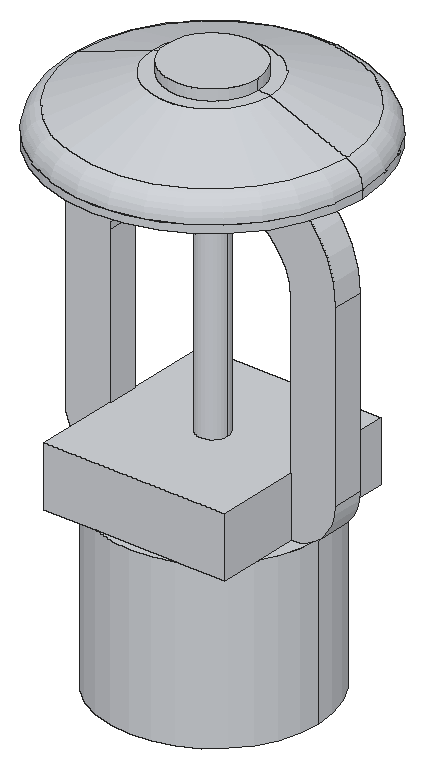
Revit family
Parameters (values of type "RASCO F156 UPRIGHT")
  URL = ""
  Temperature Rating = 286 °F
  Response = (empty or 0)
  RASCO SIN # = "RA1325"
  RASCO Part # = "F56U3B"
  Pressure Rating = "175 PSI"
  Pressure Class = (empty or 0)
  Orifice Size = 1/2"
  Orifice = (empty or 0)
  Model = "F156"
  Manufacturer = "RASCO"
  K-Factor = 5.6
  Description = "Bronze Finish"
  Coverage = (empty or 0)
Reference planes (in)
  plane 1 "Center (Front/Back)": y = 0
  plane 2: z = 0
  plane 3 "Center (Left/Right)": x = 0
Nested families (in)
  nested 1: "F56U3B" at (-1.04933, -0.9484, 0), type "RASCO F156 UPRIGHT"
Connectors (in)
  piping at (-1.04933, -0.9484, 0)
    settings: on nested 1, index 1, connector radius 55/128", flow factor 0, pipe flow 0 GPM, pressure drop 0.00 psi, fitting loss kfactor 0, connector angle 0.00°, fixture units 0, flow configuration 0, flow direction 0, fitting loss method 0, system type 7, connector reference index -1, connector utility 0, adjustable connector no, is connector primary yes, fitting loss table "", connector description ""
Definition of nested family "F56U3B"
  Parameters (values of type "RASCO F156 UPRIGHT")
    Type Comments = ""
    Temperature Rating = 0 °F
    Response = (empty or 0)
    Pressure Rating = "0"
    Pressure Class = (empty or 0)
    Orifice Size = 0"
    Orifice = (empty or 0)
    Model = ""
    Manufacturer = ""
    K-Factor = 0
    Description = ""
    Coverage = (empty or 0)
    Assembly Code = ""
  Reference planes (in)
    plane 1 "Center (Front/Back)": y = 0
    plane 2: z = 0
    plane 3 "ref.2": z = 0.6875
    plane 4 "ref.3": z = 0.9375
    plane 5: x = -0.38065
    plane 6: x = 0.36935
    plane 7 "ref. side 1": y = 0.06402
    plane 8 "ref. side 2": y = -0.06098
    plane 9 "ref.4": z = 1.875
    plane 10 "ref.5": z = 2.3125
    plane 11 "ref.6": z = 2.4375
  Forms (in)
    Extrusion 1, solid
      sketch origin (0, 0, 0) x (1, 0, 0) y (0, 1, 0)
        loop
          circle (0, 0) r 0.4375
      from 0 to 0.6875
    Extrusion 2, solid
      sketch origin (-0.12185, 0.05177, 0.6875) x (1, 0, 0) y (0, 1, 0)
        loop
          line (-0.2588, 0.356) -> (-0.2588, -0.4565) -> (0.4912, -0.4565) -> (0.4912, 0.356) -> (-0.2588, 0.356)
      from 0 to 0.25
    Extrusion 3, solid
      sketch origin (0, 0, 0) x (1, 0, 0) y (0, 0, 1)
        loop
          line (-0.38065, 0.68754) -> (-0.38065, 1.58397)
          arc (-0.38065, 1.58397) -> (-0.29541, 1.78976) -> (-0.08962, 1.875) r 0.29103
          line (-0.08962, 1.875) -> (0.07524, 1.875)
          arc (0.07524, 1.875) -> (0.28321, 1.78886) -> (0.36935, 1.58089) r 0.29411
          line (0.36935, 1.58089) -> (0.36935, 0.68751)
          arc (0.36935, 0.68751) -> (0.50207, 0.74393) -> (0.55685, 0.87734) r 0.18984
          line (0.55685, 0.87734) -> (0.55685, 1.61676)
          arc (0.55685, 1.61676) -> (0.42629, 1.93194) -> (0.11111, 2.0625) r 0.44574
          line (0.11111, 2.0625) -> (-0.12259, 2.0625)
          arc (-0.12259, 2.0625) -> (-0.43765, 1.932) -> (-0.56815, 1.61694) r 0.44556
          line (-0.56815, 1.61694) -> (-0.56815, 0.87876)
          arc (-0.56815, 0.87876) -> (-0.51345, 0.74486) -> (-0.38065, 0.68754) r 0.19126
      from -0.06402 to 0.06098
    Extrusion 4, solid
      sketch origin (0, 0, 0.9375) x (-1, 0, 0) y (0, -1, 0)
        loop
          circle (0.00574, -0.00152) r 0.0625
      from 0 to 0.9375
    Extrusion 5, solid
      sketch origin (0, 0, 1.875) x (-1, 0, 0) y (0, -1, 0)
        loop
          circle (0.00574, -0.00152) r 0.1875
      from 0 to 0.4375
    Revolve 6, solid
      sketch origin (0, 0, -0.31276) x (1, 0, 0) y (0, 0, 1)
        loop
          line (-0.19324, 2.33367) -> (-0.19324, 2.58367) -> (-0.24995, 2.58367) -> (-0.56395, 2.46314)
          arc (-0.56395, 2.46314) -> (-0.61243, 2.42492) -> (-0.63074, 2.36595) r 0.1041
          line (-0.63074, 2.36595) -> (-0.63074, 2.33367) -> (-0.19324, 2.33367)
        axis (-0.00574, 2.33367) -> (-0.00574, 2.58367)
      angle from 0 to 360
  Cuts and joins
    joined: Extrusion 1, Extrusion 2, Extrusion 4, Revolve 6
  Lines and regions (in)
    model lines
      curve 1: line (-0.00574, 0.06402, 1.875) -> (-0.00574, -0.06098, 1.875)
